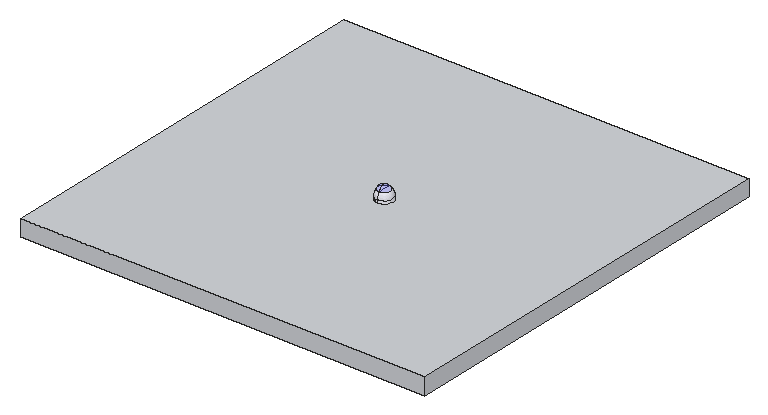
Revit family "BEG-92587", category Dispositifs d'éclairage, Revit 2015
Parameters
  Detection zone [instance] = yes
  URL = "http://www.luxomat.com/en-92587"
  Type of output = "SWITCH"
  Ambiant temperature = "-25°C to +50°C"
  Ref = "92587"
  Relay = "2300W"
  height position [instance] = 250 cm
  Modèle = "PD4-M-1C-C-SM"
  Installation type = "Ceiling"
  Brand = "LUXOMAT"
  Image du type = 92587.jpg
  IP = "54"
  Mounting height max = Installation height max  # 270 cm
  Installation height max = 270 cm
  Fabricant = "B.E.G"
  Label [instance] = yes
  Default Elevation = 0 cm
  Consumption = "0.83W"
  Commentaires du type = "Occupancy detector PD4-M-1C-C-SM"
  Code d'assemblage = "D5010200"
  Class = "2"
  Switching power LED = "0"
  Switching power Cos ɸ =1 = "1150VA"
  Switching power Cos ɸ =0,5 = "300W"
  Power voltage = "110-240 V AC"
Reference planes (cm)
  plane 1 "Centre (avant/arrière)": y = 0
  plane 2: z = 0
  plane 3 "Centre (gauche/droite)": x = 0
Forms (cm)
  Extrusion 1, solid
    sketch origin (0, 0, 0) x (1, 0, 0) y (0, 1, 0)
      loop
        line (-121.92, 121.92) -> (-121.92, -121.92) -> (121.92, -121.92) -> (121.92, 121.92) -> (-121.92, 121.92)
    from 0 to -10
Dimensions and locks (cm)
  aligned and locked: plane 2 to Extrusion 1
  aligned and locked: level to Extrusion 1
  aligned and locked: nested 2 to plane 2
Nested families (cm)
  nested 1: "Famille1" at (0, -72.6659, 0) x (-1, 0, 0) z (0, 0, 1), reference <- "Ref", modele <- "Modèle", visible <- "Label", type "Famille1"
    with reference "92587", modele "PD4-M-1C-C-SM"
  nested 2: "M14" at (0, 0, 0), type "Standard"
  nested 3: "Symbole plafond 2D couloir" at (0, 0.102, 0), type "Symbole plafond 2D couloir"
  nested 4: "zone I" at (0, 0, 0), visible <- "Detection zone", type "zone I"
    with position 2 320 cm, position 1 960 cm, frontal 800 cm, biais 2400 cm, activité assise 640 cm
Connectors (cm)
  electrical at (0.5717, -0.15, -5.1)
    settings: on nested 2, index 1, voltage 240 V, apparent load 0 VA, apparent load phase1 0 VA, apparent load phase2 0 VA, apparent load phase3 0 VA, power factor 1, load classification "Eclairage", number of poles 1, system type 31, power factor state 1, is connector primary yes, connector utility no, sub classification motor no, connector description ""
Definition of nested family "M14"
  Reference planes (cm)
    plane 1 "Centre (avant/arrière)": y = 0
    plane 2: z = 0
    plane 3 "Centre (gauche/droite)": x = 0
    plane 4: x = 0
  Forms (cm)
    Revolve 1, solid
      sketch origin (0, 0, 0) x (0, -1, 0) y (0, 0, 1)
        loop
          line (0, 0) -> (0, 5) -> (-3.8, 5)
          arc (-3.8, 5) -> (-4.577, 3.2225) -> (-4.8363, 1.3) r 7
          line (-4.8363, 1.3) -> (-4.9363, 1.3) -> (-5.05, 0) -> (0, 0)
        axis (0, 0) -> (0, 5)
      angle from 0 to 360
    Revolve 2, solid
      sketch origin (0, 0, 0) x (0, -1, 0) y (0, 0, 1)
        loop
          arc (0, 7.6) -> (-2.2816, 6.8864) -> (-3.75, 5) r 4.0043
          line (-3.75, 5) -> (0, 5) -> (0, 7.6)
        axis (0, 5) -> (0, 7.6)
      angle from 0 to 360
  Lines and regions (cm)
    reference lines
      curve 1: line (0, 0, 0) -> (0, 0, 7.6)
      curve 2: line (0, 0, 5) -> (0, 3.8, 5)
      curve 3: arc (0, 3.8, 5) -> (0, 4.577, 3.2225) -> (0, 4.8363, 1.3) r 7
      curve 4: line (0, 4.9363, 1.3) -> (0, 4.8363, 1.3)
      curve 5: line (0, 5.05, 0) -> (0, 4.9363, 1.3)
      curve 6: line (0, 0, 0) -> (0, 5.05, 0)
      curve 7: arc (0, 0, 7.6) -> (0, 2.2816, 6.8864) -> (0, 3.75, 5) r 4.0043
      curve 8: line (0, 3.75, 5) -> (0, 0, 5)
      curve 9: line (0, 0, 7.6) -> (0, 0, 5)
      curve 10: line (0, 0, 0) -> (0, 0, 7.6)
  Dimensions and locks (cm)
    aligned and locked: level to plane 2
    aligned and locked: Revolve 1 sketch curve to curve 1  (x2)
    aligned and locked: Revolve 1 sketch curve to curve 2
    aligned and locked: Revolve 1 sketch curve to curve 3
    aligned and locked: Revolve 1 sketch curve to curve 4
    aligned and locked: Revolve 1 sketch curve to curve 5
    aligned and locked: Revolve 1 sketch curve to curve 6
    aligned and locked: Revolve 2 sketch curve to curve 7
    aligned and locked: Revolve 2 sketch curve to curve 8
    aligned and locked: Revolve 2 sketch curve to curve 9
    aligned and locked: Revolve 2 sketch curve to curve 10
Definition of nested family "Famille1"
  Parameters (values of type "Famille1")
    reference [instance] = ""
    modele [instance] = ""
  Reference planes (cm)
    plane 1: y = 0
    plane 2: x = 0
  Text (cm)
    label "reference\n\nmodele" at (0.0074, 0.0451, 0), shows "reference", "modele"
Definition of nested family "Symbole plafond 2D couloir"
  Reference planes (cm)
    plane 1: y = 0
    plane 2: x = 0
  Lines and regions (cm)
    Filled region 1, type "rouge"
      outline origin (0, 0, 0) x (1, 0, 0) y (0, 1, 0)
        loop
          circle (0, 0) r 0.0294
    detail lines
      curve 1: arc (-0.0294, 0, 0) -> (0, -0.0294, 0) -> (0.0294, 0, 0) r 0.0294
      curve 2: arc (0.0294, 0, 0) -> (0, 0.0294, 0) -> (-0.0294, 0, 0) r 0.0294
      curve 3: arc (-0.1768, 0.102, 0) -> (-0.2041, 0, 0) -> (-0.1768, -0.102, 0) r 0.204
      curve 4: arc (0.1766, -0.102, 0) -> (0.2039, 0, 0) -> (0.1766, 0.102, 0) r 0.204
      curve 5: arc (-0.1404, 0.081, 0) -> (-0.1621, 0, 0) -> (-0.1404, -0.081, 0) r 0.162
      curve 6: arc (0.1402, -0.081, 0) -> (0.1619, 0, 0) -> (0.1402, 0.081, 0) r 0.162
      curve 7: arc (-0.104, 0.06, 0) -> (-0.1201, 0, 0) -> (-0.104, -0.06, 0) r 0.12
      curve 8: arc (0.1038, -0.06, 0) -> (0.1199, 0, 0) -> (0.1038, 0.06, 0) r 0.12
Definition of nested family "zone I"
  Parameters (values of type "zone I")
    position 2 [instance] = (frontal / 2) * 0.8  # 320 cm
    position 1 [instance] = (biais / 2) * 0.8  # 960 cm
    frontal [instance] = 800 cm
    biais [instance] = 2400 cm
    activité assise [instance] = 640 cm
  Reference planes (cm)
    plane 1 "Centre (avant/arrière)": y = 0
    plane 2: z = 0
    plane 3 "Centre (gauche/droite)": x = 0
    plane 4: x = 1000
    plane 5: x = -1000
    plane 6: x = -2000
    plane 7: x = 2000
    plane 8: y = 150
    plane 9: y = -150
    plane 10: y = 250
    plane 11: y = -250
  Lines and regions (cm)
    detail lines, in view "Niveau de réf."
      curve 1: spline (2.3068, -307.7265, 0) -> (4.0856, -307.3949, 0) -> (5.7432, -306.4226, 0) -> (7.1667, -304.876, 0) -> (8.2589, -302.8603, 0) -> (8.9455, -300.5131, 0) -> (9.1797, -297.9942, 0) -> (8.9455, -295.4753, 0) -> (8.2589, -293.1281, 0) -> (7.1667, -291.1125, 0) -> (5.7432, -289.5658, 0) -> (4.0856, -288.5936, 0) -> (2.3068, -288.262, 0) -> (0.5279, -288.5936, 0) -> (-1.1297, -289.5658, 0) -> (-2.5531, -291.1125, 0) -> (-3.6453, -293.1281, 0) -> (-4.3319, -295.4753, 0) -> (-4.5661, -297.9942, 0) -> (-4.3319, -300.5131, 0) -> (-3.6453, -302.8603, 0) -> (-2.5531, -304.876, 0) -> (-1.1297, -306.4226, 0) -> (0.5279, -307.3949, 0) -> (2.3068, -307.7265, 0)
      curve 2: line (-4.7649, -295.0929, 0) -> (0.5136, -307.9212, 0)
      curve 3: line (3.5648, -308.0775, 0) -> (9.2455, -294.5266, 0)
      curve 4: line (-0.3759, -288.4588, 0) -> (-3.0011, -290.8806, 0)
      curve 5: line (3.5053, -308.5045, 0) -> (6.62, -308.3756, 0)
      curve 6: line (1.7304, -308.3525, 0) -> (3.5053, -308.5045, 0)
      curve 7: line (-4.7649, -295.0929, 0) -> (0.5136, -307.9212, 0)
      curve 8: line (-21.1936, -295.3894, 0) -> (-24.4202, -297.3623, 0)
      curve 9: line (-21.1936, -295.3894, 0) -> (-24.4202, -297.3623, 0)
      curve 10: line (-0.3759, -288.4588, 0) -> (-3.0011, -290.8806, 0)
      curve 11: line (1.7304, -308.3525, 0) -> (6.62, -308.3756, 0)
      curve 12: line (3.5648, -308.0775, 0) -> (9.2455, -294.5266, 0)
      curve 13: line (0, -280, 0) -> (0, -249.0788, 0)
      curve 14: line (0, -249.0788, 0) -> (0, -240.7814, 0)
      curve 15: spline (-1521.106, -27.7265, 0) -> (-1519.3271, -27.3949, 0) -> (-1517.6695, -26.4226, 0) -> (-1516.2461, -24.876, 0) -> (-1515.1539, -22.8603, 0) -> (-1514.4673, -20.5131, 0) -> (-1514.2331, -17.9942, 0) -> (-1514.4673, -15.4753, 0) -> (-1515.1539, -13.1281, 0) -> (-1516.2461, -11.1125, 0) -> (-1517.6695, -9.5658, 0) -> (-1519.3271, -8.5936, 0) -> (-1521.106, -8.262, 0) -> (-1522.8848, -8.5936, 0) -> (-1524.5424, -9.5658, 0) -> (-1525.9659, -11.1125, 0) -> (-1527.0581, -13.1281, 0) -> (-1527.7447, -15.4753, 0) -> (-1527.9789, -17.9942, 0) -> (-1527.7447, -20.5131, 0) -> (-1527.0581, -22.8603, 0) -> (-1525.9659, -24.876, 0) -> (-1524.5424, -26.4226, 0) -> (-1522.8848, -27.3949, 0) -> (-1521.106, -27.7265, 0)
      curve 16: line (-1528.1777, -15.0929, 0) -> (-1522.8992, -27.9212, 0)
      curve 17: line (-1519.848, -28.0775, 0) -> (-1514.1673, -14.5266, 0)
      curve 18: line (-1523.7887, -8.4588, 0) -> (-1526.4139, -10.8806, 0)
      curve 19: line (-1519.9075, -28.5045, 0) -> (-1516.7928, -28.3756, 0)
      curve 20: line (-1521.6824, -28.3525, 0) -> (-1519.9075, -28.5045, 0)
      curve 21: line (-1528.1777, -15.0929, 0) -> (-1522.8992, -27.9212, 0)
      curve 22: line (-1544.6063, -15.3894, 0) -> (-1547.833, -17.3623, 0)
      curve 23: line (-1544.6063, -15.3894, 0) -> (-1547.833, -17.3623, 0)
      curve 24: line (-1523.7887, -8.4588, 0) -> (-1526.4139, -10.8806, 0)
      curve 25: line (-1521.6824, -28.3525, 0) -> (-1516.7928, -28.3756, 0)
      curve 26: line (-1519.848, -28.0775, 0) -> (-1514.1673, -14.5266, 0)
      curve 27: line (-1523.4128, 0, 0) -> (-1523.4128, 30.9212, 0)
      curve 28: line (-1523.4128, 30.9212, 0) -> (-1523.4128, 39.2186, 0)
      curve 169: spline (-372.7692, 145.0624, 0) -> (-523.6863, 149.8316, 0) -> (-672.4215, 140.7991, 0) -> (-805.2741, 118.7969, 0) -> (-910.0066, 85.8517, 0) -> (-976.9713, 44.9984, 0) -> (-1000, 0, 0) -> (-976.9713, -44.9984, 0) -> (-910.0066, -85.8517, 0) -> (-805.2741, -118.7969, 0) -> (-672.4215, -140.7991, 0) -> (-523.6863, -149.8316, 0) -> (-372.7692, -145.0624, 0)
      curve 170: arc (-1930.5405, 241.3176, 0) -> (-2000, 0, 0) -> (-1930.5405, -241.3176, 0) r 453.9252
      curve 171: line (-852.071, 106.5089, 0) -> (-1930.5405, 241.3176, 0)
      curve 172: line (-852.071, -106.5089, 0) -> (-1930.5405, -241.3176, 0)
      curve 173: arc (-372.7692, -145.0624, 0) -> (0, -400, 0) -> (372.7692, -145.0624, 0) r 400
      curve 174: spline (372.7692, 145.0624, 0) -> (523.6863, 149.8316, 0) -> (672.4215, 140.7991, 0) -> (805.2741, 118.7969, 0) -> (910.0066, 85.8517, 0) -> (976.9713, 44.9984, 0) -> (1000, 0, 0) -> (976.9713, -44.9984, 0) -> (910.0066, -85.8517, 0) -> (805.2741, -118.7969, 0) -> (672.4215, -140.7991, 0) -> (523.6863, -149.8316, 0) -> (372.7692, -145.0624, 0)
      curve 175: arc (1930.5405, 241.3176, 0) -> (2000, 0, 0) -> (1930.5405, -241.3176, 0) r 453.9252
      curve 176: line (852.071, 106.5089, 0) -> (1930.5405, 241.3176, 0)
      curve 177: line (852.071, -106.5089, 0) -> (1930.5405, -241.3176, 0)
      curve 178: arc (372.7692, 145.0624, 0) -> (0, 400, 0) -> (-372.7692, 145.0624, 0) r 400
    detail lines, in view "Niveau de réf.", not visible
      curve 29: spline (925.976, -22.5654, 0) -> (926.342, -22.7186, 0) -> (927.4152, -22.8614, 0) -> (929.1224, -22.984, 0) -> (931.3472, -23.0781, 0) -> (933.938, -23.1373, 0) -> (936.7184, -23.1574, 0) -> (939.4987, -23.1373, 0) -> (942.0896, -23.0781, 0) -> (944.3144, -22.984, 0) -> (946.0216, -22.8614, 0) -> (947.0948, -22.7186, 0) -> (947.4608, -22.5654, 0) -> (947.0948, -22.4122, 0) -> (946.0216, -22.2694, 0) -> (944.3144, -22.1467, 0) -> (942.0896, -22.0527, 0) -> (939.4987, -21.9935, 0) -> (936.7184, -21.9733, 0) -> (933.938, -21.9935, 0) -> (931.3472, -22.0527, 0) -> (929.1224, -22.1467, 0) -> (927.4152, -22.2694, 0) -> (926.342, -22.4122, 0) -> (925.976, -22.5654, 0)
      curve 30: line (925.976, -22.5654, 0) -> (927.5256, -22.2591, 0)
      curve 31: arc (928.6032, -42.366, 0) -> (923.9612, -42.9632, 0) -> (919.6215, -44.716, 0) r 18.3388
      curve 32: arc (919.6215, -44.716, 0) -> (919.5545, -44.7818, 0) -> (919.5297, -44.8725, 0) r 0.1799
      curve 33: arc (928.7956, -42.9577, 0) -> (924.5053, -43.3576, 0) -> (920.3988, -44.6624, 0) r 20.1051
      curve 34: arc (920.3988, -44.6624, 0) -> (920.213, -44.7562, 0) -> (920.0404, -44.8725, 0) r 1.6679
      curve 35: circle (919.7851, -45.6065, 0) r 0.5096 normal (0, 0, 1)
      curve 36: arc (920.3547, -45.6065, 0) -> (919.7851, -45.0369, 0) -> (919.2155, -45.6065, 0) r 0.5696
      curve 37: arc (920.4147, -45.6065, 0) -> (919.7851, -44.9769, 0) -> (919.1555, -45.6065, 0) r 0.6296
      curve 38: arc (944.8336, -42.366, 0) -> (949.4756, -42.9632, 0) -> (953.8152, -44.716, 0) r 18.3388
      curve 39: arc (953.8152, -44.716, 0) -> (953.8823, -44.7818, 0) -> (953.907, -44.8725, 0) r 0.1799
      curve 40: arc (944.6412, -42.9577, 0) -> (948.9315, -43.3576, 0) -> (953.038, -44.6624, 0) r 20.1051
      curve 41: arc (953.038, -44.6624, 0) -> (953.2237, -44.7562, 0) -> (953.3964, -44.8725, 0) r 1.6679
      curve 42: circle (953.6517, -45.6065, 0) r 0.5096 normal (0, 0, 1)
      curve 43: arc (954.2213, -45.6065, 0) -> (953.6517, -45.0369, 0) -> (953.0821, -45.6065, 0) r 0.5696
      curve 44: arc (954.2813, -45.6065, 0) -> (953.6517, -44.9769, 0) -> (953.0221, -45.6065, 0) r 0.6296
      curve 45: arc (935.9933, -42.366, 0) -> (932.2655, -43.2182, 0) -> (928.7471, -44.716, 0) r 21.5424
      curve 46: arc (928.7471, -44.716, 0) -> (928.68, -44.7818, 0) -> (928.6553, -44.8725, 0) r 0.1799
      curve 47: arc (935.9933, -42.9577, 0) -> (932.6991, -43.5833, 0) -> (929.5243, -44.6624, 0) r 23.9713
      curve 48: arc (929.5243, -44.6624, 0) -> (929.3417, -44.7544, 0) -> (929.1716, -44.8681, 0) r 1.6679
      curve 49: arc (936.2298, -42.9577, 0) -> (932.9838, -43.6066, 0) -> (929.8464, -44.6624, 0) r 26.0219
      curve 50: arc (929.8464, -44.6624, 0) -> (929.6606, -44.7562, 0) -> (929.488, -44.8725, 0) r 1.6679
      curve 51: circle (929.0716, -45.6065, 0) r 0.5096 normal (0, 0, 1)
      curve 52: arc (929.6412, -45.6065, 0) -> (929.0716, -45.0369, 0) -> (928.502, -45.6065, 0) r 0.5696
      curve 53: arc (929.7012, -45.6065, 0) -> (929.0716, -44.9769, 0) -> (928.442, -45.6065, 0) r 0.6296
      curve 54: arc (937.4435, -42.366, 0) -> (941.1713, -43.2182, 0) -> (944.6897, -44.716, 0) r 21.5424
      curve 55: arc (944.6897, -44.716, 0) -> (944.7568, -44.7818, 0) -> (944.7815, -44.8725, 0) r 0.1799
      curve 56: arc (937.4435, -42.9577, 0) -> (940.7377, -43.5833, 0) -> (943.9124, -44.6624, 0) r 23.9713
      curve 57: arc (943.9124, -44.6624, 0) -> (944.0982, -44.7562, 0) -> (944.2708, -44.8725, 0) r 1.6679
      curve 58: arc (937.207, -42.9577, 0) -> (940.453, -43.6066, 0) -> (943.5904, -44.6624, 0) r 26.0219
      curve 59: arc (943.5904, -44.6624, 0) -> (943.7762, -44.7562, 0) -> (943.9488, -44.8725, 0) r 1.6679
      curve 60: circle (944.3651, -45.6065, 0) r 0.5096 normal (0, 0, 1)
      curve 61: arc (944.9347, -45.6065, 0) -> (944.3651, -45.0369, 0) -> (943.7956, -45.6065, 0) r 0.5696
      curve 62: arc (944.9947, -45.6065, 0) -> (944.3651, -44.9769, 0) -> (943.7356, -45.6065, 0) r 0.6296
      curve 63: arc (928.2447, -16.9067, 0) -> (929.3751, -19.9599, 0) -> (932.3873, -21.1953, 0) r 4.0512
      curve 64: arc (947.5341, -21.5503, 0) -> (948.2989, -21.9955, 0) -> (948.4581, -22.866, 0) r 1.0582
      curve 65: arc (948.4581, -22.866, 0) -> (947.1637, -32.0042, 0) -> (947.1824, -41.2336, 0) r 64.7189
      curve 66: arc (947.1824, -41.2336, 0) -> (947.3196, -41.7803, 0) -> (947.8, -42.0753, 0) r 0.7467
      curve 67: arc (947.8, -42.0753, 0) -> (950.8812, -42.6489, 0) -> (954.0146, -42.7177, 0) r 19.3577
      curve 68: arc (954.0146, -42.7177, 0) -> (953.6164, -42.2163, 0) -> (953.0065, -42.0212, 0) r 1.1013
      curve 69: arc (953.0065, -42.0212, 0) -> (950.8253, -41.5868, 0) -> (948.6939, -40.9514, 0) r 23.8747
      curve 70: arc (948.6939, -40.9514, 0) -> (949.6481, -32.326, 0) -> (950.4047, -23.6811, 0) r 379.1961
      curve 71: arc (950.4047, -23.6811, 0) -> (950.1819, -20.9354, 0) -> (948.1945, -19.0278, 0) r 3.8846
      curve 72: arc (948.1945, -19.0278, 0) -> (942.0386, -16.9625, 0) -> (935.5985, -16.1341, 0) r 33.2193
      curve 73: arc (935.5985, -16.1341, 0) -> (936.4011, -8.4722, 0) -> (936.3918, -0.7683, 0) r 72.9952
      curve 74: arc (936.1411, 2.5028, 0) -> (936.0331, 3.5186, 0) -> (935.9108, 4.5328, 0) r 72.9952
      curve 75: arc (933.0779, 4.298, 0) -> (930.9101, 3.5141, 0) -> (931.7641, 1.3729, 0) r 1.6042
      curve 76: arc (935.9108, 4.5328, 0) -> (932.5228, 6.4802, 0) -> (929.1348, 4.5328, 0) r 3.9209
      curve 77: arc (962.4108, -5.4595, 0) -> (962.3989, -5.5507, 0) -> (962.3115, -5.5223, 0) r 0.0597
      curve 78: arc (960.275, -5.2364, 0) -> (960.303, -5.394, 0) -> (960.1444, -5.4151, 0) r 0.1108
      curve 79: spline (932.3619, 15.8637, 0) -> (933.2734, 15.7331, 0) -> (934.1297, 15.3083, 0) -> (934.8726, 14.6182, 0) -> (935.4514, 13.7099, 0) -> (935.8267, 12.6452, 0) -> (935.9728, 11.4968, 0) -> (935.8798, 10.3428, 0) -> (935.5541, 9.262, 0) -> (935.0179, 8.3279, 0) -> (934.3076, 7.6043, 0) -> (933.4718, 7.1404, 0) -> (932.5673, 6.9679, 0) -> (931.6558, 7.0985, 0) -> (930.7994, 7.5233, 0) -> (930.0565, 8.2134, 0) -> (929.4777, 9.1217, 0) -> (929.1025, 10.1864, 0) -> (928.9564, 11.3348, 0) -> (929.0493, 12.4888, 0) -> (929.375, 13.5696, 0) -> (929.9113, 14.5037, 0) -> (930.6215, 15.2273, 0) -> (931.4574, 15.6912, 0) -> (932.3619, 15.8637, 0)
      curve 80: line (957.0918, -46.116, 0) -> (997.8768, -46.116, 0)
      curve 81: line (997.8768, -46.116, 0) -> (997.8768, -7.1091, 0)
      curve 82: line (997.8768, -7.1091, 0) -> (957.0918, -7.1091, 0)
      curve 83: line (957.0918, -7.1091, 0) -> (957.0918, -46.116, 0)
      curve 84: line (957.0918, -46.116, 0) -> (910.5345, -46.116, 0)
      curve 85: line (951.1501, -7.1091, 0) -> (1003.8185, -7.1091, 0)
      curve 86: line (1003.8185, -7.1091, 0) -> (1003.8185, -5.6427, 0)
      curve 87: line (1003.8185, -5.6427, 0) -> (951.1501, -5.6427, 0)
      curve 88: line (951.1501, -5.6427, 0) -> (951.1501, -7.1091, 0)
      curve 89: line (935.7304, -23.1574, 0) -> (937.7064, -23.1574, 0)
      curve 90: line (937.7064, -23.1574, 0) -> (937.7064, -42.366, 0)
      curve 91: line (937.7064, -42.366, 0) -> (935.7304, -42.366, 0)
      curve 92: line (935.7304, -42.366, 0) -> (935.7304, -23.1574, 0)
      curve 93: line (935.7304, -42.366, 0) -> (928.6032, -42.366, 0)
      curve 94: line (919.5297, -44.8725, 0) -> (920.0404, -44.8725, 0)
      curve 95: line (937.4435, -42.366, 0) -> (937.207, -42.9577, 0)
      curve 96: line (937.207, -42.9577, 0) -> (937.4435, -42.9577, 0)
      curve 97: line (937.4435, -42.9577, 0) -> (936.7184, -42.9577, 0)
      curve 98: line (936.7184, -42.9577, 0) -> (935.9933, -42.9577, 0)
      curve 99: line (935.9933, -42.9577, 0) -> (936.2298, -42.9577, 0)
      curve 100: line (936.2298, -42.9577, 0) -> (935.9933, -42.366, 0)
      curve 101: line (933.13, -42.9577, 0) -> (928.7956, -42.9577, 0)
      curve 102: line (919.2155, -45.6065, 0) -> (919.1555, -45.6065, 0)
      curve 103: line (920.3547, -45.6065, 0) -> (920.4147, -45.6065, 0)
      curve 104: line (919.8851, -44.9848, 0) -> (919.8851, -44.8725, 0)
      curve 105: line (919.6851, -44.9848, 0) -> (919.6851, -44.8725, 0)
      curve 106: line (937.7064, -42.366, 0) -> (944.8336, -42.366, 0)
      curve 107: line (953.907, -44.8725, 0) -> (953.3964, -44.8725, 0)
      curve 108: line (940.3068, -42.9577, 0) -> (944.6412, -42.9577, 0)
      curve 109: line (954.2213, -45.6065, 0) -> (954.2813, -45.6065, 0)
      curve 110: line (953.0821, -45.6065, 0) -> (953.0221, -45.6065, 0)
      curve 111: line (953.5517, -44.9848, 0) -> (953.5517, -44.8725, 0)
      curve 112: line (953.7517, -44.9848, 0) -> (953.7517, -44.8725, 0)
      curve 113: line (928.6553, -44.8725, 0) -> (929.488, -44.8725, 0)
      curve 114: line (928.502, -45.6065, 0) -> (928.442, -45.6065, 0)
      curve 115: line (929.6412, -45.6065, 0) -> (929.7012, -45.6065, 0)
      curve 116: line (929.1716, -44.9848, 0) -> (929.1716, -44.8681, 0)
      curve 117: line (928.9716, -44.9848, 0) -> (928.9716, -44.8725, 0)
      curve 118: line (944.7815, -44.8725, 0) -> (943.9488, -44.8725, 0)
      curve 119: line (944.9347, -45.6065, 0) -> (944.9947, -45.6065, 0)
      curve 120: line (943.7956, -45.6065, 0) -> (943.7356, -45.6065, 0)
      curve 121: line (944.2651, -44.9848, 0) -> (944.2651, -44.8725, 0)
      curve 122: line (944.4651, -44.9848, 0) -> (944.4651, -44.8725, 0)
      curve 123: line (932.3873, -21.1953, 0) -> (947.5341, -21.5503, 0)
      curve 124: line (928.2447, -16.9067, 0) -> (929.1348, 4.5328, 0)
      curve 125: line (933.0779, 4.298, 0) -> (945.9271, -3.2324, 0)
      curve 126: line (945.9271, -3.2324, 0) -> (956.9598, -4.1102, 0)
      curve 127: line (956.9598, -4.1102, 0) -> (959.6493, -4.0553, 0)
      curve 128: line (959.6493, -4.0553, 0) -> (961.5155, -4.4943, 0)
      curve 129: line (961.5155, -4.4943, 0) -> (962.4108, -5.4595, 0)
      curve 130: line (962.3115, -5.5223, 0) -> (961.4719, -4.6876, 0)
      curve 131: line (961.4719, -4.6876, 0) -> (959.6412, -4.4783, 0)
      curve 132: line (959.6412, -4.4783, 0) -> (959.2367, -4.7524, 0)
      curve 133: line (959.2367, -4.7524, 0) -> (960.275, -5.2364, 0)
      curve 134: line (960.1444, -5.4151, 0) -> (958.5871, -4.8823, 0)
      curve 135: line (958.5871, -4.8823, 0) -> (956.7566, -5.1214, 0)
      curve 136: line (956.7566, -5.1214, 0) -> (945.2383, -4.8614, 0)
      curve 137: line (945.2383, -4.8614, 0) -> (931.7641, 1.3729, 0)
      curve 138: line (931.3882, 7.1969, 0) -> (931.2583, 6.2707, 0)
      curve 139: line (933.7384, 7.2529, 0) -> (933.8809, 6.2375, 0)
      curve 140: line (997.8768, -46.116, 0) -> (1009.4512, -46.116, 0)
      curve 141: spline (630.3724, -48.277, 0) -> (632.1512, -47.9453, 0) -> (633.8088, -46.9731, 0) -> (635.2323, -45.4264, 0) -> (636.3245, -43.4108, 0) -> (637.0111, -41.0636, 0) -> (637.2453, -38.5447, 0) -> (637.0111, -36.0258, 0) -> (636.3245, -33.6786, 0) -> (635.2323, -31.663, 0) -> (633.8088, -30.1163, 0) -> (632.1512, -29.1441, 0) -> (630.3724, -28.8124, 0) -> (628.5935, -29.1441, 0) -> (626.9359, -30.1163, 0) -> (625.5125, -31.663, 0) -> (624.4202, -33.6786, 0) -> (623.7336, -36.0258, 0) -> (623.4995, -38.5447, 0) -> (623.7336, -41.0636, 0) -> (624.4202, -43.4108, 0) -> (625.5125, -45.4264, 0) -> (626.9359, -46.9731, 0) -> (628.5935, -47.9453, 0) -> (630.3724, -48.277, 0)
      curve 142: line (623.3007, -35.6434, 0) -> (628.5792, -48.4717, 0)
      curve 143: line (631.6303, -48.628, 0) -> (637.311, -35.0771, 0)
      curve 144: line (627.6897, -29.0093, 0) -> (625.0645, -31.4311, 0)
      curve 145: line (631.5709, -49.055, 0) -> (634.6856, -48.9261, 0)
      curve 146: line (629.7959, -48.903, 0) -> (631.5709, -49.055, 0)
      curve 147: line (623.3007, -35.6434, 0) -> (628.5792, -48.4717, 0)
      curve 148: line (606.872, -35.9399, 0) -> (603.6454, -37.9127, 0)
      curve 149: line (606.872, -35.9399, 0) -> (603.6454, -37.9127, 0)
      curve 150: line (627.6897, -29.0093, 0) -> (625.0645, -31.4311, 0)
      curve 151: line (629.7959, -48.903, 0) -> (634.6856, -48.9261, 0)
      curve 152: line (631.6303, -48.628, 0) -> (637.311, -35.0771, 0)
      curve 153: line (628.0656, -20.5505, 0) -> (628.0656, 10.3707, 0)
      curve 154: line (628.0656, 10.3707, 0) -> (628.0656, 18.6681, 0)
      curve 155: spline (1030.3724, -260.777, 0) -> (1032.1512, -260.4453, 0) -> (1033.8088, -259.4731, 0) -> (1035.2323, -257.9264, 0) -> (1036.3245, -255.9108, 0) -> (1037.0111, -253.5636, 0) -> (1037.2453, -251.0447, 0) -> (1037.0111, -248.5258, 0) -> (1036.3245, -246.1786, 0) -> (1035.2323, -244.163, 0) -> (1033.8088, -242.6163, 0) -> (1032.1512, -241.6441, 0) -> (1030.3724, -241.3124, 0) -> (1028.5935, -241.6441, 0) -> (1026.9359, -242.6163, 0) -> (1025.5125, -244.163, 0) -> (1024.4202, -246.1786, 0) -> (1023.7336, -248.5258, 0) -> (1023.4995, -251.0447, 0) -> (1023.7336, -253.5636, 0) -> (1024.4202, -255.9108, 0) -> (1025.5125, -257.9264, 0) -> (1026.9359, -259.4731, 0) -> (1028.5935, -260.4453, 0) -> (1030.3724, -260.777, 0)
      curve 156: line (1023.3007, -248.1434, 0) -> (1028.5792, -260.9717, 0)
      curve 157: line (1031.6303, -261.128, 0) -> (1037.311, -247.5771, 0)
      curve 158: line (1027.6897, -241.5093, 0) -> (1025.0645, -243.9311, 0)
      curve 159: line (1031.5709, -261.555, 0) -> (1034.6856, -261.4261, 0)
      curve 160: line (1029.7959, -261.403, 0) -> (1031.5709, -261.555, 0)
      curve 161: line (1023.3007, -248.1434, 0) -> (1028.5792, -260.9717, 0)
      curve 162: line (1006.872, -248.4399, 0) -> (1003.6454, -250.4127, 0)
      curve 163: line (1006.872, -248.4399, 0) -> (1003.6454, -250.4127, 0)
      curve 164: line (1027.6897, -241.5093, 0) -> (1025.0645, -243.9311, 0)
      curve 165: line (1029.7959, -261.403, 0) -> (1034.6856, -261.4261, 0)
      curve 166: line (1031.6303, -261.128, 0) -> (1037.311, -247.5771, 0)
      curve 167: line (1028.0656, -233.0505, 0) -> (1028.0656, -202.1293, 0)
      curve 168: line (1028.0656, -202.1293, 0) -> (1028.0656, -193.8319, 0)
  Text (cm)
    text "2" at (0.4332, -321.3743, 0), in view "Niveau de réf."
    text "1" at (-1522.9796, -41.3743, 0), in view "Niveau de réf."
    text "1" at (628.4988, -61.9248, 0), in view "Niveau de réf.", not visible
    text "2" at (1028.4988, -274.4248, 0), in view "Niveau de réf.", not visible
  Dimensions and locks (cm)
    aligned and locked: curve 27 to plane 1 "Centre (avant/arrière)"
    aligned and locked: curve 13 to plane 3 "Centre (gauche/droite)"
